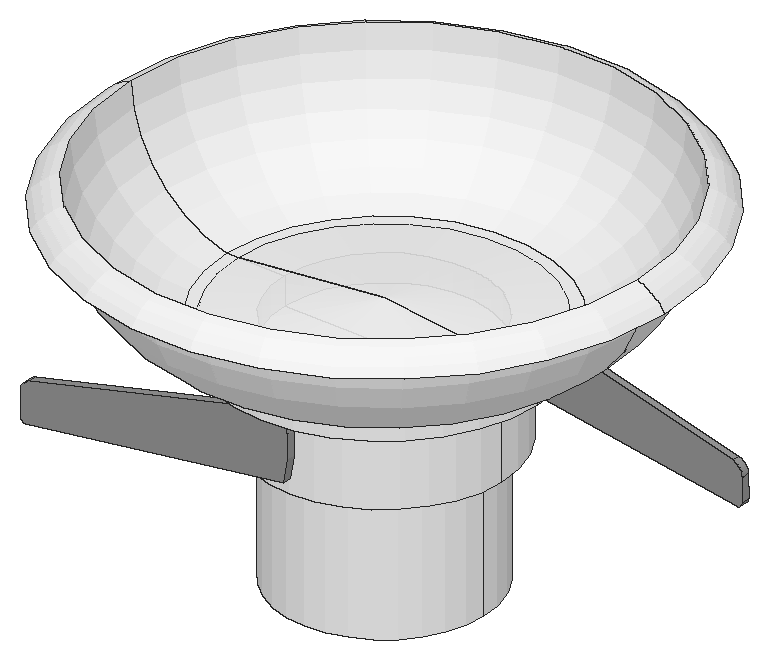
Revit family "LB6LEDA", category Lighting Fixtures, host Face, Revit 2014
Parameters
  Wings = Paint - Hubbell - Light Silver
  Watts = 13 W
  Wattage Comments = "13W"
  Wattage = 13 W
  Warranty = "5 years Warranty"  # constant formula
  built-in parameter 1150110 = 1 (stored number, unit not read)
  Voltage = 120 V
  URL = "https://www.hubbell.com/whiteway/en/"
  built-in parameter 1114217 = 1 (stored number, unit not read)
  Tilt Angle = 60.00°
  built-in parameter 1150109 = 1 (stored number, unit not read)
  built-in parameter 1150134 = 3
  built-in parameter 1150113 = 1 (stored number, unit not read)
  Reflector Finish = Hubbell - White Glass
  Product Link = "https://www.hubbell.com/whiteway/en/Products/Lighting-Controls/Commercial-Indoor-Lighting/Recessed-Downlights/LB6LEDA/p/3018836"
  Product Documentation Link = "https://hubbellcdn.com/specsheet/specsheet_lb6leda.pdf"
  Power Factor = 1
  Photometric Web File = "generic"
  Pendent Height [instance] = 12"
  built-in parameter 1150142 = (empty or 0)
  Model = "LB6LEDA"  # constant formula
  Manufacturer = "Whiteway"  # constant formula
  built-in parameter 1150105 = 87.933 (stored number, unit not read)
  Lumens = 1105 lm
  built-in parameter 1150115 = 1 (stored number, unit not read)
  Load Classification = Lighting
  built-in parameter 1150137 = (empty or 0)
  built-in parameter 1150139 = (empty or 0)
  built-in parameter 1150112 = 1 (stored number, unit not read)
  built-in parameter 1150114 = 1 (stored number, unit not read)
  Lamp = "LED"  # constant formula
  built-in parameter 1150132 = (empty or 0)
  built-in parameter 1150102 = (empty or 0)
  built-in parameter 1150107 = 3200 (stored number, unit not read)
  built-in parameter 1150138 = (empty or 0)
  built-in parameter 1150106 = 0.87933 (stored number, unit not read)
  Housing Material = Paint - Hubbell - Matte White
  Fixture distribution = "Direct"  # constant formula
  Features = "•\t12-13 watt input power\r\n•\tENERGY STAR® Qualified (WH)\r\n•\tNew Construction with DBXQL housing; can be used to meet California Title 24 requirements for commercial buildings\r\n•\tRetrofit applications with compatible 6 inch housings from Prescolite or others using the universal screw base adapter\r\n•\tPhotometric testing per IESNA LM-79 2008 standards\r\n•\tLumen output and distribution comparable up to a 75W PAR incandescent lamp or a 26 watt CFL lamp\r\n•\tDimmable to 15% with most standard dimmers\r\n•\tEasy installation with (3) friction spring clips and diffuse polycarbonate lens controls direct glare\r\n•\tUp to 60,000 hours at 70% lumen maintenance per TM-21\r\n•\tIntegral Aluminum heat sink to maximize life expectancy and lumen output\r\n•\tUL/cUL classified or cCSAus listed in Prescolite and many competitive housings\r\n•\tSuitable for wet locations\r\n\r\n"  # constant formula
  Emit from Circle Diameter = 6"  # constant formula
  Emit Shape Visible in Rendering = no
  built-in parameter 1150104 = 7.8968 (stored number, unit not read)
  Drum-Height = 24"
  Dimming Lamp Color Temperature Shift = <None>
  Description = "Performs like 65W BR30 or 18W compact fluorescent, using only 13.5 watts of power. LB6LEDA features excellent glare control and optical cutoff, color quality and a warm white color temperature."  # constant formula
  Default Elevation = 48"
  Copyright = " ©2020 Security Lighting, a division of Hubbell Lighting, Inc"  # constant formula
  Contact = "https://www.hubbell.com/whiteway/en/contactUs"
  Connector Description = "Lighting Connector"  # constant formula
  Color Filter = 16777215
  built-in parameter 1114218 = 1 (stored number, unit not read)
  built-in parameter 1150133 = 10 (stored number, unit not read)
  Assembly Code = "D5020200"
  Apparent Load = Watts / Power Factor  # 13 VA
Reference planes (in)
  plane 1 "Center (Front/Back)": y = 0
  plane 2: z = 0
  plane 3 "Center (Left/Right)": x = 0
  plane 4: x = -3.0625
  plane 5: x = 3.0625
  plane 6: z = 4.625
  plane 7: x = -3.875
  plane 8: x = 3.875
  plane 9: x = -1.375
  plane 10: x = 1.375
Forms (in)
  Revolve 1, solid, material "Paint - Hubbell - Matte White" <- "Housing Material"
    sketch origin (0, 0, -0.00632) x (-1, 0, 0) y (0, 0, -1)
      loop
        line (0, 4.625) -> (0, 1.74662) -> (1.375, 1.74662) -> (1.375, 1.37891) -> (2.18095, 1.37891)
        arc (2.18095, 1.37891) -> (3.11922, 0.76604) -> (3.50114, -0.28757) r 1.76952
        arc (3.50114, -0.28757) -> (3.7142, -0.17776) -> (3.875, 0) r 0.67018
        line (3.875, 0) -> (3.57345, 0)
        arc (3.57345, 0) -> (3.07671, 0.96848) -> (2.125, 1.49662) r 1.87108
        line (2.125, 1.49662) -> (2.125, 1.74662) -> (1.625, 1.74662) -> (1.625, 2.875) -> (1.375, 2.875) -> (1.375, 4.625) -> (0, 4.625)
      axis (0, 4.625) -> (0, -0.28757)
    angle from 0 to 360
  Revolve 2, solid, material "Hubbell - White Glass" <- "Reflector Finish"
    sketch origin (0, 0, 0) x (1, 0, 0) y (0, 0, 1)
      loop
        line (0, -2.88132) -> (1.625, -2.88132) -> (1.625, -1.75294) -> (2.01667, -1.75294) -> (2.01667, -1.38523)
        arc (2.01667, -1.38523) -> (1.01172, -1.24708) -> (0, -1.17327) r 15.90878
        line (0, -1.17327) -> (0, -2.88132)
      axis (0, -1.17327) -> (0, -2.88132)
    angle from 0 to 360
  Extrusion 3, solid, material "Paint - Hubbell - Light Silver" <- "Wings"
    sketch origin (0, 1.73696, 0.18202) x (1, 0, 0) y (0, 0, 1)
      loop
        arc (0.0064, -1.97822) -> (-0.06176, -2.42931) -> (0, -2.88132) r 1.6019
        arc (0, -2.88132) -> (1.7784, -3.15505) -> (3.56135, -3.39743) r 102.17584
        arc (3.56135, -3.39743) -> (3.61535, -3.38084) -> (3.63861, -3.32936) r 0.06862
        line (3.63861, -3.32936) -> (3.63861, -3.02368)
        arc (3.63861, -3.02368) -> (3.60066, -2.91348) -> (3.50292, -2.85) r 0.179
        line (3.50292, -2.85) -> (0.0064, -1.97822)
    from 0 to 0.10156
  Extrusion 4, solid, material "Paint - Hubbell - Light Silver" <- "Wings"
    sketch origin (0, -1.73696, 0.18202) x (-1, 0, 0) y (0, 0, 1)
      loop
        arc (0.0064, -1.97822) -> (-0.06176, -2.42931) -> (0, -2.88132) r 1.6019
        arc (0, -2.88132) -> (1.7784, -3.15505) -> (3.56135, -3.39743) r 102.17584
        arc (3.56135, -3.39743) -> (3.61535, -3.38084) -> (3.63861, -3.32936) r 0.06862
        line (3.63861, -3.32936) -> (3.63861, -3.02368)
        arc (3.63861, -3.02368) -> (3.60066, -2.91348) -> (3.50292, -2.85) r 0.179
        line (3.50292, -2.85) -> (0.0064, -1.97822)
    from 0 to 0.10156
Dimensions and locks (in)
  aligned and locked: plane 2 to host face
  aligned and locked: level to host face
  aligned and locked: imposter light to plane 1 "Center (Front/Back)"
Connectors (in)
  electrical at (0, 0, -4.63132), driven by "Voltage", driven by "Apparent Load", driven by "Power Factor", driven by "Connector Description"
    settings: on Revolve 1, index 1, voltage 120 V, apparent load 13 VA, apparent load phase1 0 VA, apparent load phase2 0 VA, apparent load phase3 0 VA, power factor 1, load classification "Other", number of poles 1, system type 30, power factor state 1, is connector primary yes, connector utility no, sub classification motor no, connector description "Lighting Connector"
